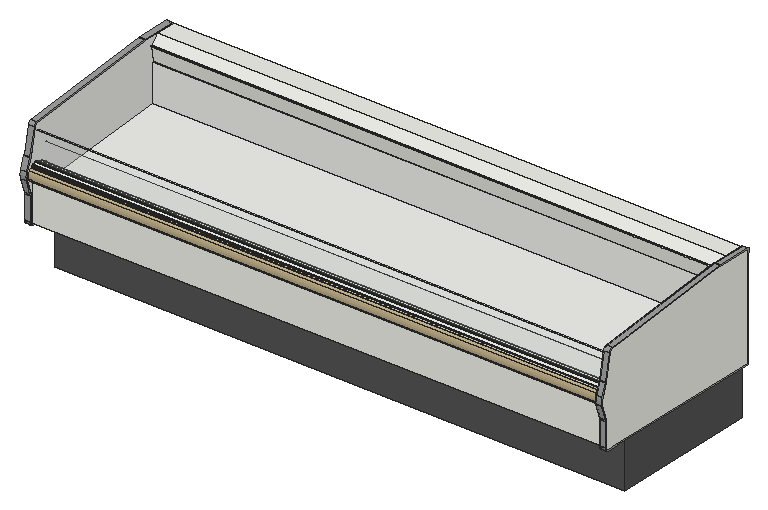
Revit family "B1X-GE_2014", category Specialty Equipment, Revit 2014
Parameters (values of type "12'-0" Length")
  Width = 144 1/2"
  Waste Drain = 1 1/4"  # constant formula
  URL = "www.hussmann.com"
  Type Comments = "Excel"  # constant formula
  Trim = Stainless Steel
  Total Weight = Case Weight + (2 * End Weight)  # 1200.00 lbf
  Top Clearance = 3"  # constant formula
  Splashguard = Textured Sheet Metal (Steel Painted) - 701 Black
  Shelves = Sheet Metal (Steel Painted) - 700 Interior White
  Revit Family Date = "09/18/2015"  # constant formula
  Refrigeration Lines Suction = 5/8"  # constant formula
  Refrigeration Lines Liquid = 3/8"  # constant formula
  Refrig. Suction = "Suction"
  Refrig. Liquid = "Liquid"
  Number of Supports = if(Width < 50", 2, if(Width < 100", 3, 4))  # 4
  Note from Manufacturer = "This model only comes in 8'-0\" and 12'-0\" lengths."
  Model URL = "http://www.hussmann.com/en/product%20viewer/display-cases/B1X"
  Model = "B1X-GE"  # constant formula
  Manufacturer Disclaimer = "The information in this file is not intended to be an exact representation of the corresponding Hussmann product.  Further, we reserve the right to change or revise specifications and product design in connection with any feature of our products. Such changes do not entitle the buyer to corresponding changes, improvements, additions, or replacements for equipment previously sold or shipped."  # constant formula
  Manufacturer = "Hussmann Corporation"  # constant formula
  Height = 39 1/8"  # constant formula
  Glazing = Glass
  Ends = Textured Sheet Metal (Steel Painted) - 149 White Satin Matte
  End Weight = 50.00 lbf  # constant formula
  Description = "Bulk, Single-Deck, Extended Depth, Glass Front"  # constant formula
  Depth = 46 1/8"  # constant formula
  Cutsheet URL = "http://www.hussmann.com/en/Technical%20Documents/0496237_G_B1X-GE.pdf"
  Close Off Panel = Textured Sheet Metal (Steel Painted) - 701 Black
  Clearance [instance] = yes
  Case Weight = if(Width = 96 3/8", 800.00 lbf, if(Width = 144 1/2", 1100.00 lbf, 0.00 lbf))  # 1100.00 lbf
  Case Interior - Side Panel = Sheet Metal (Steel Painted) - 700 Interior White
  Case Interior - Back Panel = Sheet Metal (Steel Painted) - 700 Interior White
  Case = Textured Sheet Metal (Steel Painted) - 149 White Satin Matte
  Bumper = Extruded PVC - 744 Sandy Beige
  Back Clearance = 3"  # constant formula
  Assembly Code = ""
  Accessories/Options = ""
Types (3): name | Width | Total Weight | Number of Supports | Case Weight
  (no name) | 144 1/2" | 1200.00 lbf | 4 | 1100.00 lbf
  12'-0" Length | 144 1/2" | 1200.00 lbf | 4 | 1100.00 lbf
  8'-0" Length | 96 3/8" | 900.00 lbf | 3 | 800.00 lbf
Reference planes (in)
  plane 1 "Back": y = 0
  plane 2 "Bottom": z = 0
  plane 3 "Top": z = 39.125
  plane 4 "Left": x = -77.30699
  plane 5 "Front": y = -46.125
  plane 6 "Center (Left/Right)": x = -5.05699
  plane 7: y = 3
  plane 8: x = -78.80699
  plane 9 "Right": x = 67.19301
  plane 10: x = 68.69301
Forms (in)
  Extrusion 1, solid, material "Metal - Copper"
    sketch origin (63.0625, 1.04319, 0) x (1, 0, 0) y (0, 1, 0)
      loop
        arc (-7.86949, -36.04319) -> (-8.31143, -36.22625) -> (-8.49449, -36.66819) r 0.625
        arc (-8.49449, -36.66819) -> (-8.31143, -37.11013) -> (-7.86949, -37.29319) r 0.625
        arc (-7.86949, -37.29319) -> (-7.42754, -37.11013) -> (-7.24449, -36.66819) r 0.625
        arc (-7.24449, -36.66819) -> (-7.42754, -36.22625) -> (-7.86949, -36.04319) r 0.625
      loop
        circle (-7.86949, -36.66819) r 0.5852
    from 13.1875 to 0
  Extrusion 2, solid, material "Metal - Copper"
    sketch origin (57.40105, 5, -0.375) x (1, 0, 0) y (0, 1, 0)
      loop
        circle (1.47946, -35.25) r 0.28859
      loop
        circle (1.47946, -35.25) r 0.3125
    from 13.5625 to 0.375
  Extrusion 3, solid, material "Metal - Copper"
    sketch origin (59.82608, 5, -0.375) x (1, 0, 0) y (0, 1, 0)
      loop
        circle (-0.44557, -35.25) r 0.17188
      loop
        circle (-0.44557, -35.25) r 0.1875
    from 13.5625 to 0.375
  Extrusion 4, solid, material "Metal - Copper"
    sketch origin (-56.6875, 1.04319, 0) x (1, 0, 0) y (0, 1, 0)
      loop
        arc (-8.49449, -36.04319) -> (-8.93643, -36.22625) -> (-9.11949, -36.66819) r 0.625
        arc (-9.11949, -36.66819) -> (-8.93643, -37.11013) -> (-8.49449, -37.29319) r 0.625
        arc (-8.49449, -37.29319) -> (-8.05254, -37.11013) -> (-7.86949, -36.66819) r 0.625
        arc (-7.86949, -36.66819) -> (-8.05254, -36.22625) -> (-8.49449, -36.04319) r 0.625
      loop
        circle (-8.49449, -36.66819) r 0.5852
    from 13.1875 to 0
  Extrusion 5, solid, material "Textured Sheet Metal (Steel Painted) - 149 White Satin Matte" <- "Case"
    sketch origin (-77.30699, 0, 0) x (0, 1, 0) y (0, 0, 1)
      loop
        arc (-43.4365, 26.85537) -> (-43.52068, 26.86705) -> (-43.60529, 26.87502) r 1.93325
        arc (-43.60529, 26.87502) -> (-43.61662, 26.86409) -> (-43.60736, 26.85135) r 0.012
        line (-43.60736, 26.85135) -> (-43.56451, 26.84146)
        arc (-43.56451, 26.84146) -> (-43.55529, 26.8284) -> (-43.56724, 26.81778) r 0.012
        line (-43.56724, 26.81778) -> (-43.84412, 26.81869)
        arc (-43.84412, 26.81869) -> (-43.8561, 26.8075) -> (-43.84567, 26.79484) r 0.01197
        line (-43.84567, 26.79484) -> (-43.80202, 26.78926)
        arc (-43.80202, 26.78926) -> (-43.79156, 26.77791) -> (-43.80094, 26.76565) r 0.012
        line (-43.80094, 26.76565) -> (-44.75345, 26.55443)
        arc (-44.75345, 26.55443) -> (-44.76714, 26.56157) -> (-44.76246, 26.57628) r 0.012
        line (-44.76246, 26.57628) -> (-44.72525, 26.59979)
        arc (-44.72525, 26.59979) -> (-44.72146, 26.6162) -> (-44.73782, 26.62017) r 0.01197
        arc (-44.73782, 26.62017) -> (-44.84025, 26.55479) -> (-44.93823, 26.48293) r 1.87918
        arc (-44.93823, 26.48293) -> (-44.95802, 26.45848) -> (-44.9651, 26.42782) r 0.06997
        line (-44.9651, 26.42782) -> (-44.9651, 26.05419) -> (-44.67226, 26.05419) -> (-44.67226, 13.30367) -> (-43.98538, 13.30359)
        arc (-43.98538, 13.30359) -> (-43.94382, 13.32758) -> (-43.94381, 13.37557) r 0.04799
        line (-43.94381, 13.37557) -> (-44.29718, 13.98778) -> (-44.29718, 14.03993) -> (-42.55572, 15.84428) -> (-37.52831, 13.17784) -> (-7.01631, 13.17624) -> (-0.00014, 16.89541) -> (0.00241, 39.06079) -> (-5.04871, 39.06079) -> (-7.0036, 37.1059)
        arc (-7.0036, 37.1059) -> (-7.01444, 37.05141) -> (-6.96824, 37.02055) r 0.05
        line (-6.96824, 37.02055) -> (-6.18183, 37.02055) -> (-6.14043, 36.78578) -> (-6.94182, 36.64447) -> (-6.33006, 33.17499) -> (-6.54179, 33.13766) -> (-6.54179, 22.69899) -> (-29.81454, 20.69847) -> (-29.81454, 18.86396)
        arc (-29.81454, 18.86396) -> (-29.99765, 18.42204) -> (-30.43961, 18.23904) r 0.625
        line (-30.43961, 18.23904) -> (-32.49961, 18.23927)
        arc (-32.49961, 18.23927) -> (-32.94153, 18.42238) -> (-33.12454, 18.86435) r 0.625
        line (-33.12454, 18.86435) -> (-33.12454, 20.41421) -> (-40.71688, 19.7623) -> (-40.71688, 23.92624) -> (-40.74854, 23.92624) -> (-40.74854, 25.29548)
        arc (-40.74854, 25.29548) -> (-40.76456, 25.34075) -> (-40.8055, 25.36587) r 0.07197
        line (-40.8055, 25.36587) -> (-40.8055, 25.72186)
        arc (-40.8055, 25.72186) -> (-40.81327, 25.75399) -> (-40.83645, 25.77755) r 0.06199
        line (-40.83645, 25.77755) -> (-42.08994, 26.50144)
        arc (-42.08994, 26.50144) -> (-42.10488, 26.50764) -> (-42.12093, 26.50975) r 0.06199
        line (-42.12093, 26.50975) -> (-42.83656, 26.50975) -> (-42.83656, 25.67805) -> (-43.4365, 25.67805) -> (-43.4365, 26.85537)
    from 0 to 144.5 <- "Width"
  Extrusion 6, solid, material "Extruded PVC - 744 Sandy Beige" <- "Bumper"
    sketch origin (-77.30699, 0, 0) x (0, 1, 0) y (0, 0, 1)
      loop
        line (-44.67124, 26.05419) -> (-45.32971, 26.05419)
        arc (-45.32971, 26.05419) -> (-45.61543, 25.86008) -> (-45.81608, 25.57891) r 0.9802
        arc (-45.81608, 25.57891) -> (-46.04245, 24.57269) -> (-45.81616, 23.56645) r 2.34998
        arc (-45.81616, 23.56645) -> (-45.61552, 23.28515) -> (-45.32975, 23.09091) r 0.98052
        arc (-45.32975, 23.09091) -> (-45.20945, 23.04539) -> (-45.08468, 23.01414) r 1.10651
        arc (-45.08468, 23.01414) -> (-45.04015, 23.01879) -> (-45.00551, 23.04715) r 0.07799
        line (-45.00551, 23.04715) -> (-44.91062, 23.18779) -> (-44.67124, 23.42711) -> (-44.67124, 26.05419)
    from 0 to 144.5 <- "Width"
  Extrusion 7, solid, material "Glass" <- "Glazing"
    sketch origin (-77.30699, 0, 0) x (0, 1, 0) y (0, 0, 1)
      loop
        line (-42.83433, 25.67618) -> (-42.83433, 33.90217) -> (-43.43427, 33.90223) -> (-43.43427, 25.67624) -> (-42.83433, 25.67618)
      loop
        line (-40.74659, 30.17594) -> (-40.74659, 23.92819) -> (-40.49668, 23.92816) -> (-40.49668, 30.17591) -> (-40.74659, 30.17594)
    from 0 to 144.5 <- "Width"
  Extrusion 8, solid, material "Sheet Metal (Steel Painted) - 700 Interior White" <- "Case Interior - Back Panel"
    sketch origin (-77.30699, 0, 0) x (0, 1, 0) y (0, 0, 1)
      loop
        line (-6.54179, 33.13766) -> (-6.57304, 33.13215) -> (-6.57304, 22.69631) -> (-6.54179, 22.69899) -> (-6.54179, 33.13766)
    from 0 to 144.5 <- "Width"
  Extrusion 9, solid, material "Sheet Metal (Steel Painted) - 700 Interior White" <- "Shelves"
    sketch origin (-77.30699, 0, 0) x (0, 1, 0) y (0, 0, 1)
      loop
        line (-6.56119, 22.95738) -> (-6.63432, 23.81141) -> (-40.51033, 20.91031) -> (-40.43719, 20.05627) -> (-6.56119, 22.95738)
    from 0 to 144.5 <- "Width"
  Sweep 10, solid, material "Textured Sheet Metal (Steel Painted) - 701 Black" <- "Splashguard"
    path origin (0, 0, 0) x (1, 0, 0) y (0, 1, 0)
      loop
        line (-77.30699, 0.00241) -> (-77.30699, -37.375) -> (67.19301, -37.375) -> (67.19301, 0.00241)
    profile origin (-5.05699, -37.375, 0) x (0, 1, 0) y (0, 0, 1)
      loop
        line (0.48066, 0.00369) -> (0.48066, 13.17969) -> (0, 13.17969) -> (0, 0.00369) -> (0.48066, 0.00369)
  Extrusion 11, solid, material "Stainless Steel" <- "Trim"
    sketch origin (-77.30699, 0, 0) x (0, 1, 0) y (0, 0, 1)
      loop
        arc (-43.07704, 35.51226) -> (-43.65369, 35.24831) -> (-43.95589, 34.69075) r 1.00073
        line (-43.95589, 34.69075) -> (-45.24538, 28.57387)
        arc (-45.24538, 28.57387) -> (-45.26548, 28.48407) -> (-45.29375, 28.39651) r 1.00073
        line (-45.29375, 28.39651) -> (-46.34441, 25.59007)
        arc (-46.34441, 25.59007) -> (-46.54192, 24.57284) -> (-46.39619, 23.54691) r 3.12728
        line (-46.39619, 23.54691) -> (-45.25699, 19.9603)
        arc (-45.25699, 19.9603) -> (-45.22184, 19.81064) -> (-45.21003, 19.65736) r 1.00073
        line (-45.21003, 19.65736) -> (-45.21003, 13.62541)
        arc (-45.21003, 13.62541) -> (-44.91693, 12.91779) -> (-44.2093, 12.62468) r 1.00073
        line (-44.2093, 12.62468) -> (-41.7074, 12.62468) -> (-41.7074, 12.76479) -> (-0.04803, 12.76479) -> (-0.04803, 12.81282) -> (0, 12.81282) -> (0, 38.12393) -> (0.06205, 38.12393) -> (0.06205, 39.1251) -> (0.00044, 39.1867) -> (-8.65141, 39.1867)
        arc (-8.65141, 39.1867) -> (-8.8184, 39.18224) -> (-8.98492, 39.16887) r 3.12728
        line (-8.98492, 39.16887) -> (-43.07704, 35.51226)
      loop
        line (-43.82019, 34.72845) -> (-45.12265, 28.55007)
        arc (-45.12265, 28.55007) -> (-45.14517, 28.45014) -> (-45.17668, 28.35268) r 1.12573
        line (-45.17668, 28.35268) -> (-46.22735, 25.54624)
        arc (-46.22735, 25.54624) -> (-46.41696, 24.56967) -> (-46.27706, 23.58475) r 3.00228
        line (-46.27706, 23.58475) -> (-45.13785, 19.99814)
        arc (-45.13785, 19.99814) -> (-45.09832, 19.82979) -> (-45.08503, 19.65736) r 1.12573
        line (-45.08503, 19.65736) -> (-45.08503, 13.62541)
        arc (-45.08503, 13.62541) -> (-44.82854, 13.00618) -> (-44.2093, 12.74968) r 0.87573
        line (-44.2093, 12.74968) -> (-41.8324, 12.74968) -> (-41.8324, 12.88979) -> (-0.17303, 12.88979) -> (-0.17303, 12.93782) -> (-0.125, 12.93782) -> (-0.125, 38.24893) -> (-0.06295, 38.24893) -> (-0.06295, 39.0617) -> (-8.65141, 39.0617)
        arc (-8.65141, 39.0617) -> (-8.81173, 39.05742) -> (-8.97159, 39.04458) r 3.00228
        line (-8.97159, 39.04458) -> (-43.06371, 35.38798)
        arc (-43.06371, 35.38798) -> (-43.5458, 35.17733) -> (-43.82019, 34.72845) r 0.87573
    from 0 to -1.5
  Extrusion 12, solid, material "Textured Sheet Metal (Steel Painted) - 149 White Satin Matte" <- "Ends"
    sketch origin (-77.30699, 0, 0) x (0, 1, 0) y (0, 0, 1)
      loop
        arc (-43.06371, 35.38798) -> (-43.5458, 35.17733) -> (-43.82019, 34.72845) r 0.87573
        line (-43.82019, 34.72845) -> (-45.12265, 28.55007)
        arc (-45.12265, 28.55007) -> (-45.14517, 28.45014) -> (-45.17668, 28.35268) r 1.12573
        line (-45.17668, 28.35268) -> (-46.22735, 25.54624)
        arc (-46.22735, 25.54624) -> (-46.41696, 24.56967) -> (-46.27706, 23.58475) r 3.00228
        line (-46.27706, 23.58475) -> (-45.13785, 19.99814)
        arc (-45.13785, 19.99814) -> (-45.09832, 19.82979) -> (-45.08503, 19.65736) r 1.12573
        line (-45.08503, 19.65736) -> (-45.08503, 13.62541)
        arc (-45.08503, 13.62541) -> (-44.82854, 13.00618) -> (-44.2093, 12.74968) r 0.87573
        line (-44.2093, 12.74968) -> (-41.8324, 12.74968) -> (-41.8324, 12.88979) -> (-0.17303, 12.88979) -> (-0.17303, 12.93782) -> (-0.125, 12.93782) -> (-0.125, 38.24893) -> (-0.06295, 38.24893) -> (-0.06295, 39.0617) -> (-8.65141, 39.0617)
        arc (-8.65141, 39.0617) -> (-8.81173, 39.05742) -> (-8.97159, 39.04458) r 3.00228
        line (-8.97159, 39.04458) -> (-43.06371, 35.38798)
    from -0.03125 to -1.5
  Extrusion 13, solid, material "Sheet Metal (Steel Painted) - 700 Interior White" <- "Case Interior - Side Panel"
    sketch origin (-77.33824, 0, 0) x (0, 1, 0) y (0, 0, 1)
      loop
        line (-43.82019, 34.72845) -> (-45.12265, 28.55007)
        arc (-45.12265, 28.55007) -> (-45.14517, 28.45014) -> (-45.17668, 28.35268) r 1.12573
        line (-45.17668, 28.35268) -> (-46.22735, 25.54624)
        arc (-46.22735, 25.54624) -> (-46.41696, 24.56967) -> (-46.27706, 23.58475) r 3.00228
        line (-46.27706, 23.58475) -> (-45.13785, 19.99814)
        arc (-45.13785, 19.99814) -> (-45.09832, 19.82979) -> (-45.08503, 19.65736) r 1.12573
        line (-45.08503, 19.65736) -> (-45.08503, 13.62541)
        arc (-45.08503, 13.62541) -> (-44.82854, 13.00618) -> (-44.2093, 12.74968) r 0.87573
        line (-44.2093, 12.74968) -> (-41.8324, 12.74968) -> (-41.8324, 12.88979) -> (-0.17303, 12.88979) -> (-0.17303, 12.93782) -> (-0.125, 12.93782) -> (-0.125, 38.24893) -> (-0.06295, 38.24893) -> (-0.06295, 39.0617) -> (-8.65141, 39.0617)
        arc (-8.65141, 39.0617) -> (-8.81173, 39.05742) -> (-8.97159, 39.04458) r 3.00228
        line (-8.97159, 39.04458) -> (-43.06371, 35.38798)
        arc (-43.06371, 35.38798) -> (-43.5458, 35.17733) -> (-43.82019, 34.72845) r 0.87573
    from 0 to 0.03125
  Extrusion 14, solid, material "Stainless Steel" <- "Trim"
    sketch origin (-28.93199, 0, 0) x (0, 1, 0) y (0, 0, -1)
      loop
        line (-43.07704, -35.51226) -> (-8.98492, -39.16887)
        arc (-8.98492, -39.16887) -> (-8.8184, -39.18224) -> (-8.65141, -39.1867) r 3.12728
        line (-8.65141, -39.1867) -> (0.00044, -39.1867) -> (0.06205, -39.1251) -> (0.06205, -38.12393) -> (0, -38.12393) -> (0, -12.81282) -> (-0.04803, -12.81282) -> (-0.04803, -12.76479) -> (-41.7074, -12.76479) -> (-41.7074, -12.62468) -> (-44.2093, -12.62468)
        arc (-44.2093, -12.62468) -> (-44.91693, -12.91779) -> (-45.21003, -13.62541) r 1.00073
        line (-45.21003, -13.62541) -> (-45.21003, -19.65736)
        arc (-45.21003, -19.65736) -> (-45.22184, -19.81064) -> (-45.25699, -19.9603) r 1.00073
        line (-45.25699, -19.9603) -> (-46.39619, -23.54691)
        arc (-46.39619, -23.54691) -> (-46.54192, -24.57284) -> (-46.34441, -25.59007) r 3.12728
        line (-46.34441, -25.59007) -> (-45.29375, -28.39651)
        arc (-45.29375, -28.39651) -> (-45.26548, -28.48407) -> (-45.24538, -28.57387) r 1.00073
        line (-45.24538, -28.57387) -> (-43.95589, -34.69075)
        arc (-43.95589, -34.69075) -> (-43.65369, -35.24831) -> (-43.07704, -35.51226) r 1.00073
      loop
        arc (-43.82019, -34.72845) -> (-43.5458, -35.17733) -> (-43.06371, -35.38798) r 0.87573
        line (-43.06371, -35.38798) -> (-8.97159, -39.04458)
        arc (-8.97159, -39.04458) -> (-8.81173, -39.05742) -> (-8.65141, -39.0617) r 3.00228
        line (-8.65141, -39.0617) -> (-0.06295, -39.0617) -> (-0.06295, -38.24893) -> (-0.125, -38.24893) -> (-0.125, -12.93782) -> (-0.17303, -12.93782) -> (-0.17303, -12.88979) -> (-41.8324, -12.88979) -> (-41.8324, -12.74968) -> (-44.2093, -12.74968)
        arc (-44.2093, -12.74968) -> (-44.82854, -13.00618) -> (-45.08503, -13.62541) r 0.87573
        line (-45.08503, -13.62541) -> (-45.08503, -19.65736)
        arc (-45.08503, -19.65736) -> (-45.09832, -19.82979) -> (-45.13785, -19.99814) r 1.12573
        line (-45.13785, -19.99814) -> (-46.27706, -23.58475)
        arc (-46.27706, -23.58475) -> (-46.41696, -24.56967) -> (-46.22735, -25.54624) r 3.00228
        line (-46.22735, -25.54624) -> (-45.17668, -28.35268)
        arc (-45.17668, -28.35268) -> (-45.14517, -28.45014) -> (-45.12265, -28.55007) r 1.12573
        line (-45.12265, -28.55007) -> (-43.82019, -34.72845)
    from -96.125 to -97.625
  Extrusion 15, solid, material "Textured Sheet Metal (Steel Painted) - 149 White Satin Matte" <- "Ends"
    sketch origin (-28.93199, 0, 0) x (0, 1, 0) y (0, 0, -1)
      loop
        line (-43.06371, -35.38798) -> (-8.97159, -39.04458)
        arc (-8.97159, -39.04458) -> (-8.81173, -39.05742) -> (-8.65141, -39.0617) r 3.00228
        line (-8.65141, -39.0617) -> (-0.06295, -39.0617) -> (-0.06295, -38.24893) -> (-0.125, -38.24893) -> (-0.125, -12.93782) -> (-0.17303, -12.93782) -> (-0.17303, -12.88979) -> (-41.8324, -12.88979) -> (-41.8324, -12.74968) -> (-44.2093, -12.74968)
        arc (-44.2093, -12.74968) -> (-44.82854, -13.00618) -> (-45.08503, -13.62541) r 0.87573
        line (-45.08503, -13.62541) -> (-45.08503, -19.65736)
        arc (-45.08503, -19.65736) -> (-45.09832, -19.82979) -> (-45.13785, -19.99814) r 1.12573
        line (-45.13785, -19.99814) -> (-46.27706, -23.58475)
        arc (-46.27706, -23.58475) -> (-46.41696, -24.56967) -> (-46.22735, -25.54624) r 3.00228
        line (-46.22735, -25.54624) -> (-45.17668, -28.35268)
        arc (-45.17668, -28.35268) -> (-45.14517, -28.45014) -> (-45.12265, -28.55007) r 1.12573
        line (-45.12265, -28.55007) -> (-43.82019, -34.72845)
        arc (-43.82019, -34.72845) -> (-43.5458, -35.17733) -> (-43.06371, -35.38798) r 0.87573
    from -96.15625 to -97.625
  Extrusion 16, solid, material "Sheet Metal (Steel Painted) - 700 Interior White" <- "Case Interior - Side Panel"
    sketch origin (67.22426, 0, 0) x (0, 1, 0) y (0, 0, -1)
      loop
        arc (-43.82019, -34.72845) -> (-43.5458, -35.17733) -> (-43.06371, -35.38798) r 0.87573
        line (-43.06371, -35.38798) -> (-8.97159, -39.04458)
        arc (-8.97159, -39.04458) -> (-8.81173, -39.05742) -> (-8.65141, -39.0617) r 3.00228
        line (-8.65141, -39.0617) -> (-0.06295, -39.0617) -> (-0.06295, -38.24893) -> (-0.125, -38.24893) -> (-0.125, -12.93782) -> (-0.17303, -12.93782) -> (-0.17303, -12.88979) -> (-41.8324, -12.88979) -> (-41.8324, -12.74968) -> (-44.2093, -12.74968)
        arc (-44.2093, -12.74968) -> (-44.82854, -13.00618) -> (-45.08503, -13.62541) r 0.87573
        line (-45.08503, -13.62541) -> (-45.08503, -19.65736)
        arc (-45.08503, -19.65736) -> (-45.09832, -19.82979) -> (-45.13785, -19.99814) r 1.12573
        line (-45.13785, -19.99814) -> (-46.27706, -23.58475)
        arc (-46.27706, -23.58475) -> (-46.41696, -24.56967) -> (-46.22735, -25.54624) r 3.00228
        line (-46.22735, -25.54624) -> (-45.17668, -28.35268)
        arc (-45.17668, -28.35268) -> (-45.14517, -28.45014) -> (-45.12265, -28.55007) r 1.12573
        line (-45.12265, -28.55007) -> (-43.82019, -34.72845)
    from 0 to 0.03125
Lines and regions (in)
  reference lines
    curve 1: line (-74.80699, -46.125, 0) -> (-74.80699, 0, 0)
    curve 2: line (-65.18199, -46.125, 0) -> (-65.18199, 0, 0)
    curve 3: line (55.19301, -46.125, 0) -> (55.19301, 0, 0)
    curve 4: line (64.69301, -46.125, 0) -> (64.69301, 0, 0)
    curve 5: line (59.19301, -46.125, 0) -> (59.19301, 0, 0)
    curve 6: line (-77.30699, -35.625, 0) -> (67.19301, -35.625, 0)
    curve 7: line (67.19301, -30.25, 0) -> (-77.30699, -30.25, 0)
  symbolic lines, style "SpecialityEquipmentHiddenLines", visible <- "Clearance"
    curve 8: line (-78.80699, 3, 0) -> (68.69301, 3, 0)
    curve 9: line (68.69301, 3, 0) -> (68.69301, 0.06205, 0)
    curve 10: line (-78.80699, 3, 0) -> (-78.80699, -0.17303, 0)
Dimensions and locks (in)
  equal spacing: plane 4 "Left", plane 6 "Center (Left/Right)", plane 9 "Right"
  locked: plane 8 to plane 4 "Left" at 1.5
  "Width": plane 4 "Left" to plane 9 "Right"
  locked: plane 4 "Left" to curve 1 at 2.5
  locked: plane 4 "Left" to curve 2 at 12.125
  locked: curve 4 to plane 9 "Right" at 2.5
  locked: curve 3 to plane 9 "Right" at 12
  "Depth": plane 5 "Front" to plane 1 "Back"
  "Back Clearance": plane 1 "Back" to plane 7
  curve 5 to plane 9 "Right" = 8"
  "Height": plane 3 "Top" to level
  plane 1 "Back" to curve 6 = 35 5/8"
  plane 1 "Back" to curve 7 = 30 1/4"
  locked: plane 9 "Right" to plane 10 at 1.5
  locked: Extrusion 4 sketch curve to Extrusion 4 sketch curve at 0.0398
  locked: Extrusion 1 sketch curve to Extrusion 1 sketch curve at 0.0398
  locked: Extrusion 3 sketch curve to Extrusion 3 sketch curve at 0.01562
  locked: Extrusion 2 sketch curve to Extrusion 2 sketch curve at 0.02391
  equal spacing: group 1, group 3, group 4, group 2  (x3)
  locked: Extrusion 16 to plane 10 at 1.46875
  locked: plane 9 "Right" to Extrusion 16 at 0.03125
  "Waste Drain": diameter of Extrusion 4 sketch curve
  "Waste Drain": diameter of Extrusion 1 sketch curve
  "Refrigeration Lines Liquid": diameter of Extrusion 3 sketch curve
  "Refrigeration Lines Suction": diameter of Extrusion 2 sketch curve
  aligned and locked: plane 5 "Front" to curve 3
  aligned and locked: plane 5 "Front" to curve 4
  aligned and locked: plane 5 "Front" to curve 2
  aligned and locked: plane 5 "Front" to curve 1
  aligned and locked: plane 4 "Left" to curve 6
  aligned and locked: plane 4 "Left" to curve 7
  aligned and locked: plane 9 "Right" to curve 7
  aligned and locked: plane 9 "Right" to curve 6
  aligned and locked: Extrusion 2 to level
  aligned and locked: Extrusion 3 to level
  aligned and locked: curve 7 to Extrusion 3 sketch curve  (x4)
  aligned and locked: curve 7 to Extrusion 2 sketch curve  (x4)
  aligned and locked: curve 6 to Extrusion 1 sketch curve  (x3)
  aligned and locked: curve 6 to Extrusion 4 sketch curve
  aligned and locked: curve 2 to Extrusion 4 sketch curve
  aligned and locked: curve 3 to Extrusion 1 sketch curve
  aligned and locked: curve 5 to Extrusion 3 sketch curve
  aligned and locked: curve 5 to Extrusion 2 sketch curve
  aligned and locked: curve 1 to nested 1
  aligned and locked: curve 4 to nested 2
  aligned and locked: Sweep 10 sketch curve to plane 9 "Right"
  aligned and locked: Sweep 10 sketch curve to plane 4 "Left"
  aligned and locked: plane 10 to Extrusion 14
  aligned and locked: plane 10 to Extrusion 15
  aligned and locked: Extrusion 14 to plane 9 "Right"
  aligned and locked: Extrusion 14 to Extrusion 16
  aligned and locked: Extrusion 15 to Extrusion 16
  aligned and locked: plane 8 to curve 10
  aligned and locked: plane 7 to curve 8
  aligned and locked: curve 9 to plane 10
Automatic sketch dimensions
  curve 5 to plane 5 "Front" = 0"
  plane 1 "Back" to curve 3 = 0"
  plane 1 "Back" to curve 2 = 0"
  plane 1 "Back" to curve 1 = 0"
  plane 1 "Back" to curve 4 = 0"
  plane 1 "Back" to curve 5 = 0"
  plane 5 "Front" to Extrusion 5 sketch curve = 1.1599"
  Extrusion 5 sketch curve to Extrusion 5 sketch curve = 0"  (x8)
  Extrusion 5 sketch curve to Extrusion 5 sketch curve = 0.06997"
  Extrusion 5 sketch curve to Extrusion 5 sketch curve = 0.13267"
  Extrusion 5 sketch curve to Extrusion 5 sketch curve = 0.00641"
  Extrusion 5 sketch curve to Extrusion 5 sketch curve = 0.0026"  (x2)
  Extrusion 5 sketch curve to Extrusion 5 sketch curve = 0.03081"
  Extrusion 5 sketch curve to Extrusion 5 sketch curve = 0.0064"
  plane 5 "Front" to Extrusion 5 sketch curve = 1.45274"
  Extrusion 5 sketch curve to Extrusion 5 sketch curve = 0.29284"
  Extrusion 5 sketch curve to Extrusion 5 sketch curve = 0.37508"
  Extrusion 5 sketch curve to Extrusion 5 sketch curve = 0.68688"
  Extrusion 5 sketch curve to Extrusion 5 sketch curve = 0.04157"
  Extrusion 5 sketch curve to Extrusion 5 sketch curve = 0.87958"
  Extrusion 5 sketch curve to Extrusion 5 sketch curve = 0.00152"  (x2)
  Extrusion 5 sketch curve to Extrusion 5 sketch curve = 0.00004"  (x2)
  Extrusion 5 sketch curve to Extrusion 5 sketch curve = 0.04213"
  Extrusion 5 sketch curve to Extrusion 5 sketch curve = 0.89375"
  Extrusion 5 sketch curve to Extrusion 5 sketch curve = 0.03428"
  Extrusion 5 sketch curve to Extrusion 5 sketch curve = 0.19466"
  Extrusion 5 sketch curve to Extrusion 5 sketch curve = 0.0027"  (x2)
  Extrusion 5 sketch curve to Extrusion 5 sketch curve = 0.04012"
  Extrusion 5 sketch curve to Extrusion 5 sketch curve = 0.342"
  Extrusion 5 sketch curve to Extrusion 5 sketch curve = 0.128"
  Extrusion 5 sketch curve to Extrusion 5 sketch curve = 0.59994"  (x2)
  Extrusion 5 sketch curve to Extrusion 5 sketch curve = 1.74146"
  Extrusion 5 sketch curve to Extrusion 5 sketch curve = 0.71563"
  Extrusion 5 sketch curve to Extrusion 5 sketch curve = 0.03099"
  Extrusion 5 sketch curve to Extrusion 5 sketch curve = 1.25348"
  Extrusion 5 sketch curve to Extrusion 5 sketch curve = 0.031"
  Extrusion 5 sketch curve to Extrusion 5 sketch curve = 0.04694"
  Extrusion 5 sketch curve to Extrusion 5 sketch curve = 0.01501"
  Extrusion 5 sketch curve to Extrusion 5 sketch curve = 0.03095"
  Extrusion 5 sketch curve to Extrusion 5 sketch curve = 0.07197"
  Extrusion 5 sketch curve to Extrusion 5 sketch curve = 0.03166"
  Extrusion 5 sketch curve to Extrusion 5 sketch curve = 5.02741"
  Extrusion 5 sketch curve to Extrusion 5 sketch curve = 4.40377"
  Extrusion 5 sketch curve to Extrusion 5 sketch curve = 0.62493"
  Extrusion 5 sketch curve to Extrusion 5 sketch curve = 5/8"  (x2)
  Extrusion 5 sketch curve to Extrusion 5 sketch curve = 2.06"
  Extrusion 5 sketch curve to Extrusion 5 sketch curve = 0.00007"  (x3)
  plane 1 "Back" to Extrusion 5 sketch curve = 7.01631"
  plane 3 "Top" to Extrusion 5 sketch curve = 2.0191"
  plane 1 "Back" to Extrusion 5 sketch curve = 7.0036"
  Extrusion 5 sketch curve to Extrusion 5 sketch curve = 0.03536"
  plane 3 "Top" to Extrusion 5 sketch curve = 2.48053"
  Extrusion 5 sketch curve to Extrusion 5 sketch curve = 0.02643"
  plane 1 "Back" to Extrusion 5 sketch curve = 6.54179"
  Extrusion 5 sketch curve to Extrusion 5 sketch curve = 0.21174"
  Extrusion 5 sketch curve to Extrusion 5 sketch curve = 0.78641"
  plane 3 "Top" to Extrusion 5 sketch curve = 2.33922"
  Extrusion 5 sketch curve to Extrusion 5 sketch curve = 0.0414"
  plane 3 "Top" to Extrusion 5 sketch curve = 0.06421"
  Extrusion 5 sketch curve to Extrusion 5 sketch curve = 1.13312"
  plane 1 "Back" to Extrusion 5 sketch curve = 0.00014"
  Extrusion 5 sketch curve to plane 1 "Back" = 0.00241"
  plane 3 "Top" to Extrusion 5 sketch curve = 12.26196"
  Extrusion 5 sketch curve to Extrusion 5 sketch curve = 0.00767"
  Extrusion 5 sketch curve to Extrusion 5 sketch curve = 0.01169"  (x2)
  Extrusion 5 sketch curve to Extrusion 5 sketch curve = 0.00989"
  Extrusion 5 sketch curve to Extrusion 5 sketch curve = 0.03266"
  Extrusion 5 sketch curve to Extrusion 5 sketch curve = 0.01197"
  Extrusion 5 sketch curve to Extrusion 5 sketch curve = 0.00558"
  Extrusion 5 sketch curve to Extrusion 5 sketch curve = 0.0119"
  Extrusion 5 sketch curve to Extrusion 5 sketch curve = 0.18493"
  Extrusion 5 sketch curve to Extrusion 5 sketch curve = 0.01012"
  Extrusion 5 sketch curve to Extrusion 5 sketch curve = 0.02351"
  Extrusion 5 sketch curve to Extrusion 5 sketch curve = 0.01014"
  Extrusion 5 sketch curve to Extrusion 5 sketch curve = 0.34562"
  Extrusion 5 sketch curve to Extrusion 5 sketch curve = 0.00831"
  Extrusion 5 sketch curve to Extrusion 5 sketch curve = 0.12661"
  Extrusion 5 sketch curve to Extrusion 5 sketch curve = 0.37362"
  Extrusion 5 sketch curve to Extrusion 5 sketch curve = 0.72389"
  Extrusion 5 sketch curve to Extrusion 5 sketch curve = 0.05368"
  Extrusion 5 sketch curve to Extrusion 5 sketch curve = 0.35599"
  Extrusion 5 sketch curve to Extrusion 5 sketch curve = 0.67375"
  Extrusion 5 sketch curve to Extrusion 5 sketch curve = 0.05753"
  Extrusion 5 sketch curve to Extrusion 5 sketch curve = 1.36924"
  Extrusion 5 sketch curve to Extrusion 5 sketch curve = 10.43867"
  Extrusion 5 sketch curve to Extrusion 5 sketch curve = 3.22777"
  Extrusion 5 sketch curve to Extrusion 5 sketch curve = 0.28426"
  Extrusion 5 sketch curve to Extrusion 5 sketch curve = 4.16393"
  Extrusion 5 sketch curve to Extrusion 5 sketch curve = 1.54987"
  Extrusion 5 sketch curve to Extrusion 5 sketch curve = 1.83444"
  Extrusion 5 sketch curve to Extrusion 5 sketch curve = 5.80358"
  Extrusion 5 sketch curve to Extrusion 5 sketch curve = 3.91803"
  Extrusion 5 sketch curve to Extrusion 5 sketch curve = 1.80435"
  Extrusion 5 sketch curve to Extrusion 5 sketch curve = 0.05214"
  Extrusion 5 sketch curve to Extrusion 5 sketch curve = 0.61221"
  Extrusion 5 sketch curve to Extrusion 5 sketch curve = 0.02399"
  Extrusion 5 sketch curve to Extrusion 5 sketch curve = 0.00008"
  Extrusion 5 sketch curve to Extrusion 5 sketch curve = 2.66644"
  Extrusion 5 sketch curve to Extrusion 5 sketch curve = 3.71916"
  plane 5 "Front" to Extrusion 6 sketch curve = 0.79529"
  plane 5 "Front" to Extrusion 6 sketch curve = 1.05484"
  Extrusion 6 sketch curve to Extrusion 6 sketch curve = 0.06465"
  Extrusion 6 sketch curve to Extrusion 6 sketch curve = 0.39934"
  Extrusion 6 sketch curve to Extrusion 6 sketch curve = 0.1401"
  Extrusion 6 sketch curve to Extrusion 6 sketch curve = 0.09488"
  Extrusion 6 sketch curve to Extrusion 6 sketch curve = 0.05135"
  Extrusion 6 sketch curve to Extrusion 6 sketch curve = 0.23938"
  Extrusion 6 sketch curve to Extrusion 6 sketch curve = 0.65847"
  Extrusion 6 sketch curve to Extrusion 6 sketch curve = 1.18624"
  plane 3 "Top" to Extrusion 6 sketch curve = 16.07785"
  Extrusion 6 sketch curve to Extrusion 6 sketch curve = 0.04362"
  Extrusion 6 sketch curve to Extrusion 6 sketch curve = 9/64"
  Extrusion 6 sketch curve to Extrusion 6 sketch curve = 0.23933"
  Extrusion 6 sketch curve to Extrusion 6 sketch curve = 0.55915"
  Extrusion 6 sketch curve to Extrusion 6 sketch curve = 0.11506"
  Extrusion 6 sketch curve to Extrusion 6 sketch curve = 0.47128"
  Extrusion 6 sketch curve to Extrusion 6 sketch curve = 1.05771"
  Extrusion 6 sketch curve to Extrusion 6 sketch curve = 0.89516"
  Extrusion 6 sketch curve to Extrusion 6 sketch curve = 0.24508"
  plane 5 "Front" to Extrusion 6 sketch curve = 0.30892"
  Extrusion 6 sketch curve to Extrusion 6 sketch curve = 0"
  plane 5 "Front" to Extrusion 7 sketch curve = 2.69073"
  Extrusion 7 sketch curve to Extrusion 7 sketch curve = 0.59994"
  Extrusion 7 sketch curve to Extrusion 7 sketch curve = 2.08774"
  Extrusion 7 sketch curve to Extrusion 7 sketch curve = 0.24991"
  plane 3 "Top" to Extrusion 7 sketch curve = 15.19684"
  Extrusion 7 sketch curve to Extrusion 7 sketch curve = 0.00003"  (x2)
  Extrusion 7 sketch curve to Extrusion 7 sketch curve = 1.74799"
  Extrusion 7 sketch curve to Extrusion 7 sketch curve = 0.00007"  (x2)
  Extrusion 7 sketch curve to Extrusion 7 sketch curve = 4.49973"
  Extrusion 7 sketch curve to Extrusion 7 sketch curve = 3.72623"
  plane 1 "Back" to Extrusion 8 sketch curve = 6.57304"
  Extrusion 8 sketch curve to Extrusion 8 sketch curve = 1/32"
  plane 3 "Top" to Extrusion 8 sketch curve = 16.42869"
  Extrusion 8 sketch curve to Extrusion 8 sketch curve = 0.00268"
  plane 3 "Top" to Extrusion 8 sketch curve = 5.99285"
  Extrusion 8 sketch curve to Extrusion 8 sketch curve = 0.00551"
  plane 5 "Front" to Extrusion 9 sketch curve = 5.61467"
  Extrusion 9 sketch curve to Extrusion 9 sketch curve = 0.07314"
  plane 1 "Back" to Extrusion 9 sketch curve = 6.63432"
  level to Extrusion 9 sketch curve = 20.05627"
  Extrusion 9 sketch curve to Extrusion 9 sketch curve = 0.85403"
  plane 5 "Front" to Sweep 10 sketch curve = 8 3/4"
  Sweep 10 sketch curve to plane 1 "Back" = 0.00241"  (x2)
  Sweep 10 sketch curve to profile plane = 0"
  level to Sweep 10 sketch curve = 0.00369"
  Sweep 10 sketch curve to profile plane = 0.48066"  (x2)
  Sweep 10 sketch curve to Sweep 10 sketch curve = 13.176"
  Extrusion 11 sketch curve to Extrusion 11 sketch curve = 0"  (x12)
  Extrusion 11 sketch curve to plane 1 "Back" = 0"
  plane 1 "Back" to Extrusion 11 sketch curve = 0.04803"
  plane 1 "Back" to Extrusion 11 sketch curve = 0.06295"
  plane 1 "Back" to Extrusion 11 sketch curve = 1/8"
  Extrusion 11 sketch curve to Extrusion 11 sketch curve = 0.04803"  (x2)
  plane 3 "Top" to Extrusion 11 sketch curve = 3.06558"
  plane 1 "Back" to Extrusion 11 sketch curve = 8.65141"
  plane 3 "Top" to Extrusion 11 sketch curve = 0.08042"
  Extrusion 11 sketch curve to Extrusion 11 sketch curve = 0.32018"
  Extrusion 11 sketch curve to plane 3 "Top" = 0.04387"
  Extrusion 11 sketch curve to Extrusion 11 sketch curve = 0.01333"  (x2)
  plane 5 "Front" to Extrusion 11 sketch curve = 4.4176"
  Extrusion 11 sketch curve to Extrusion 11 sketch curve = 1/8"  (x4)
  plane 5 "Front" to Extrusion 11 sketch curve = 3.15469"
  Extrusion 11 sketch curve to Extrusion 11 sketch curve = 0.09339"
  plane 5 "Front" to Extrusion 11 sketch curve = 2.70935"
  Extrusion 11 sketch curve to Extrusion 11 sketch curve = 0.84988"
  Extrusion 11 sketch curve to Extrusion 11 sketch curve = 0.1357"
  plane 5 "Front" to Extrusion 11 sketch curve = 1.9157"
  plane 5 "Front" to Extrusion 11 sketch curve = 1.03997"
  plane 5 "Front" to Extrusion 11 sketch curve = 1.00235"
  Extrusion 11 sketch curve to Extrusion 11 sketch curve = 0.05282"
  Extrusion 11 sketch curve to Extrusion 11 sketch curve = 0.05404"
  Extrusion 11 sketch curve to Extrusion 11 sketch curve = 0.12273"
  Extrusion 11 sketch curve to Extrusion 11 sketch curve = 0.11913"  (x2)
  Extrusion 11 sketch curve to Extrusion 11 sketch curve = 0.11707"  (x2)
  Extrusion 11 sketch curve to plane 5 "Front" = 0.08576"
  Extrusion 11 sketch curve to plane 5 "Front" = 0.10235"
  Extrusion 11 sketch curve to plane 5 "Front" = 0.10595"
  Extrusion 11 sketch curve to plane 5 "Front" = 0.15206"
  Extrusion 11 sketch curve to plane 1 "Back" = 0.00044"
  Extrusion 11 sketch curve to Extrusion 11 sketch curve = 0.06205"
  plane 3 "Top" to Extrusion 11 sketch curve = 3.61274"
  Extrusion 11 sketch curve to Extrusion 11 sketch curve = 0.12429"
  Extrusion 11 sketch curve to Extrusion 11 sketch curve = 0.65953"
  Extrusion 11 sketch curve to Extrusion 11 sketch curve = 5.94337"
  Extrusion 11 sketch curve to Extrusion 11 sketch curve = 0.17351"
  Extrusion 11 sketch curve to Extrusion 11 sketch curve = 0.0238"
  Extrusion 11 sketch curve to Extrusion 11 sketch curve = 2.80644"
  Extrusion 11 sketch curve to Extrusion 11 sketch curve = 0.04383"
  Extrusion 11 sketch curve to Extrusion 11 sketch curve = 1.05263"
  Extrusion 11 sketch curve to Extrusion 11 sketch curve = 3.58661"
  Extrusion 11 sketch curve to Extrusion 11 sketch curve = 6.03195"
  level to Extrusion 11 sketch curve = 12.93782"
  Extrusion 11 sketch curve to Extrusion 11 sketch curve = 0.01511"
  Extrusion 11 sketch curve to Extrusion 11 sketch curve = 0.93778"
  Extrusion 11 sketch curve to plane 3 "Top" = 0.0001"
  Extrusion 12 sketch curve to plane 5 "Front" = 0.15206"
  Extrusion 12 sketch curve to plane 5 "Front" = 0.10595"
  Extrusion 12 sketch curve to plane 5 "Front" = 0.10235"
  Extrusion 12 sketch curve to plane 5 "Front" = 0.08576"
  plane 5 "Front" to Extrusion 12 sketch curve = 0.94832"
  plane 5 "Front" to Extrusion 12 sketch curve = 0.98715"
  Extrusion 12 sketch curve to Extrusion 12 sketch curve = 0.05404"
  Extrusion 12 sketch curve to Extrusion 12 sketch curve = 0.05282"
  Extrusion 12 sketch curve to Extrusion 12 sketch curve = 0.87573"
  plane 5 "Front" to Extrusion 12 sketch curve = 2.30481"
  plane 5 "Front" to Extrusion 12 sketch curve = 2.70935"
  Extrusion 12 sketch curve to Extrusion 12 sketch curve = 0.75649"
  Extrusion 12 sketch curve to Extrusion 12 sketch curve = 0.09339"
  Extrusion 12 sketch curve to Extrusion 12 sketch curve = 2.3769"
  plane 3 "Top" to Extrusion 12 sketch curve = 0.08042"
  plane 1 "Back" to Extrusion 12 sketch curve = 8.97159"
  plane 3 "Top" to Extrusion 12 sketch curve = 0.0633"
  Extrusion 12 sketch curve to Extrusion 12 sketch curve = 0.32018"
  plane 1 "Back" to Extrusion 12 sketch curve = 0.17303"
  plane 1 "Back" to Extrusion 12 sketch curve = 1/8"
  Extrusion 12 sketch curve to Extrusion 12 sketch curve = 0.06205"
  plane 3 "Top" to Extrusion 12 sketch curve = 3.73702"
  Extrusion 12 sketch curve to Extrusion 12 sketch curve = 0.65953"
  Extrusion 12 sketch curve to Extrusion 12 sketch curve = 5.98108"
  Extrusion 12 sketch curve to Extrusion 12 sketch curve = 0.1973"
  Extrusion 12 sketch curve to Extrusion 12 sketch curve = 2.80644"
  Extrusion 12 sketch curve to Extrusion 12 sketch curve = 1.05263"
  Extrusion 12 sketch curve to Extrusion 12 sketch curve = 3.58661"
  Extrusion 12 sketch curve to Extrusion 12 sketch curve = 6.03195"
  level to Extrusion 12 sketch curve = 12.93782"
  Extrusion 12 sketch curve to Extrusion 12 sketch curve = 0.14011"
  Extrusion 12 sketch curve to Extrusion 12 sketch curve = 0.81278"
  Extrusion 12 to Extrusion 13 sketch curve = 0"  (x3)
  Extrusion 13 sketch curve to Extrusion 12 = 0"  (x7)
  Extrusion 12 to Extrusion 13 sketch curve = 1.19202"
  Extrusion 12 to Extrusion 13 sketch curve = 1.14231"
  Extrusion 12 to Extrusion 13 sketch curve = 1.12573"
  Extrusion 12 to Extrusion 13 sketch curve = 0.09165"
  Extrusion 12 to Extrusion 13 sketch curve = 0.05282"
  Extrusion 13 sketch curve to Extrusion 13 sketch curve = 0.09339"
  Extrusion 13 sketch curve to Extrusion 12 = 0.01712"
  Extrusion 14 sketch curve to Extrusion 14 sketch curve = 0"  (x12)
  Extrusion 14 sketch curve to plane 1 "Back" = 0"
  plane 1 "Back" to Extrusion 14 sketch curve = 0.04803"
  plane 1 "Back" to Extrusion 14 sketch curve = 0.06295"
  plane 1 "Back" to Extrusion 14 sketch curve = 1/8"
  Extrusion 14 sketch curve to Extrusion 14 sketch curve = 0.04803"  (x3)
  plane 3 "Top" to Extrusion 14 sketch curve = 3.06558"
  plane 1 "Back" to Extrusion 14 sketch curve = 8.65141"
  plane 3 "Top" to Extrusion 14 sketch curve = 0.08042"
  Extrusion 14 sketch curve to Extrusion 14 sketch curve = 0.32018"
  Extrusion 14 sketch curve to plane 3 "Top" = 0.04387"
  Extrusion 14 sketch curve to Extrusion 14 sketch curve = 0.01333"  (x2)
  plane 5 "Front" to Extrusion 14 sketch curve = 4.4176"
  Extrusion 14 sketch curve to Extrusion 14 sketch curve = 1/8"  (x4)
  plane 5 "Front" to Extrusion 14 sketch curve = 3.15469"
  Extrusion 14 sketch curve to Extrusion 14 sketch curve = 0.09339"
  plane 5 "Front" to Extrusion 14 sketch curve = 2.70935"
  Extrusion 14 sketch curve to Extrusion 14 sketch curve = 0.84988"
  Extrusion 14 sketch curve to Extrusion 14 sketch curve = 0.1357"
  plane 5 "Front" to Extrusion 14 sketch curve = 1.9157"
  plane 5 "Front" to Extrusion 14 sketch curve = 1.03997"
  plane 5 "Front" to Extrusion 14 sketch curve = 1.00235"
  Extrusion 14 sketch curve to Extrusion 14 sketch curve = 0.05282"
  Extrusion 14 sketch curve to Extrusion 14 sketch curve = 0.05404"
  Extrusion 14 sketch curve to Extrusion 14 sketch curve = 0.12273"
  Extrusion 14 sketch curve to Extrusion 14 sketch curve = 0.11913"  (x2)
  Extrusion 14 sketch curve to Extrusion 14 sketch curve = 0.11707"  (x2)
  Extrusion 14 sketch curve to plane 5 "Front" = 0.08576"
  Extrusion 14 sketch curve to plane 5 "Front" = 0.10235"
  Extrusion 14 sketch curve to plane 5 "Front" = 0.10595"
  Extrusion 14 sketch curve to plane 5 "Front" = 0.15206"
  Extrusion 14 sketch curve to plane 1 "Back" = 0.00044"
  Extrusion 14 sketch curve to Extrusion 14 sketch curve = 0.06205"
  Extrusion 14 sketch curve to plane 3 "Top" = 0.0001"
  Extrusion 14 sketch curve to Extrusion 14 sketch curve = 0.81278"
  plane 3 "Top" to Extrusion 14 sketch curve = 3.61274"
  Extrusion 14 sketch curve to Extrusion 14 sketch curve = 0.12429"
  Extrusion 14 sketch curve to Extrusion 14 sketch curve = 0.65953"
  Extrusion 14 sketch curve to Extrusion 14 sketch curve = 5.94337"
  Extrusion 14 sketch curve to Extrusion 14 sketch curve = 0.17351"
  Extrusion 14 sketch curve to Extrusion 14 sketch curve = 0.0238"
  Extrusion 14 sketch curve to Extrusion 14 sketch curve = 2.80644"
  Extrusion 14 sketch curve to Extrusion 14 sketch curve = 0.04383"
  Extrusion 14 sketch curve to Extrusion 14 sketch curve = 1.05263"
  Extrusion 14 sketch curve to Extrusion 14 sketch curve = 3.58661"
  Extrusion 14 sketch curve to Extrusion 14 sketch curve = 6.03195"
  level to Extrusion 14 sketch curve = 12.93782"
  Extrusion 15 sketch curve to plane 5 "Front" = 0.15206"
  Extrusion 15 sketch curve to plane 5 "Front" = 0.10595"
  Extrusion 15 sketch curve to plane 5 "Front" = 0.10235"
  Extrusion 15 sketch curve to plane 5 "Front" = 0.08576"
  plane 5 "Front" to Extrusion 15 sketch curve = 0.94832"
  plane 5 "Front" to Extrusion 15 sketch curve = 0.98715"
  Extrusion 15 sketch curve to Extrusion 15 sketch curve = 0.05404"
  Extrusion 15 sketch curve to Extrusion 15 sketch curve = 0.05282"
  Extrusion 15 sketch curve to Extrusion 15 sketch curve = 0.87573"
  plane 5 "Front" to Extrusion 15 sketch curve = 2.30481"
  plane 5 "Front" to Extrusion 15 sketch curve = 2.70935"
  Extrusion 15 sketch curve to Extrusion 15 sketch curve = 0.75649"
  Extrusion 15 sketch curve to Extrusion 15 sketch curve = 0.84988"
  Extrusion 15 sketch curve to Extrusion 15 sketch curve = 2.3769"
  plane 3 "Top" to Extrusion 15 sketch curve = 0.08042"
  plane 1 "Back" to Extrusion 15 sketch curve = 8.97159"
  plane 3 "Top" to Extrusion 15 sketch curve = 0.0633"
  Extrusion 15 sketch curve to Extrusion 15 sketch curve = 0.32018"
  plane 1 "Back" to Extrusion 15 sketch curve = 0.17303"
  plane 1 "Back" to Extrusion 15 sketch curve = 1/8"
  Extrusion 15 sketch curve to Extrusion 15 sketch curve = 0.06205"
  Extrusion 15 sketch curve to Extrusion 15 sketch curve = 0.81278"
  plane 3 "Top" to Extrusion 15 sketch curve = 3.73702"
  Extrusion 15 sketch curve to Extrusion 15 sketch curve = 0.65953"
  Extrusion 15 sketch curve to Extrusion 15 sketch curve = 5.98108"
  Extrusion 15 sketch curve to Extrusion 15 sketch curve = 0.1973"
  Extrusion 15 sketch curve to Extrusion 15 sketch curve = 2.80644"
  Extrusion 15 sketch curve to Extrusion 15 sketch curve = 1.05263"
  Extrusion 15 sketch curve to Extrusion 15 sketch curve = 3.58661"
  Extrusion 15 sketch curve to Extrusion 15 sketch curve = 6.03195"
  level to Extrusion 15 sketch curve = 12.93782"
  Extrusion 15 sketch curve to Extrusion 15 sketch curve = 0.04803"
  Extrusion 16 sketch curve to Extrusion 15 = 0"  (x8)
  Extrusion 15 to Extrusion 16 sketch curve = 0"  (x2)
  Extrusion 15 to Extrusion 16 sketch curve = 1.19202"
  Extrusion 15 to Extrusion 16 sketch curve = 1.14231"
  Extrusion 15 to Extrusion 16 sketch curve = 1.12573"
  Extrusion 15 to Extrusion 16 sketch curve = 0.09165"
  Extrusion 15 to Extrusion 16 sketch curve = 0.05282"
  Extrusion 16 sketch curve to Extrusion 16 sketch curve = 0.09339"
  Extrusion 16 sketch curve to Extrusion 15 = 0.01712"
  curve 9 to plane 1 "Back" = 0.06205"
  plane 1 "Back" to curve 10 = 0.17303"
  Extrusion 1 sketch curve to Extrusion 1 sketch curve = 0"  (x2)
  Extrusion 2 sketch curve to Extrusion 2 sketch curve = 0"
  Extrusion 3 sketch curve to Extrusion 3 sketch curve = 0"
  Extrusion 4 sketch curve to Extrusion 4 sketch curve = 0"  (x3)
  radius of Extrusion 13 sketch curve to Extrusion 12 = 0"  (x5)
  radius of Extrusion 16 sketch curve to Extrusion 15 = 0"  (x5)
Nested families (in)
  nested 1: "Floor Support" at (-74.1875, -4.75, 0), type "Floor Support"
  nested 2: "Floor Support" at (65.3125, -4.75, 0), type "Floor Support"
  nested 3: "Floor Support" at (-27.6875, -4.75, 0), type "Floor Support"
  nested 4: "Floor Support" at (18.8125, -4.75, 0), type "Floor Support"
Connectors (in)
  piping at (55.19301, -35.625, 0), diameter 1.25, driven by "Waste Drain"
    settings: on Extrusion 1, index 8, connector inside diameter 1 1/4", connector length 0", flow factor 0, pipe flow 0 GPM, pressure drop 0.00 psi, fitting loss kfactor 0, connector angle 0.00°, fixture units 0, engagement length 0", angle of deflection 0.00°, flow configuration 0, flow direction 0, fitting loss method 0, system type 16, joint type 0, gender type 0, connector reference index -1, connector utility 0, adjustable connector no, is connector primary yes, connector description "1 1/4\""
  piping at (58.88051, -30.25, 0), diameter 0.625, driven by "Refrig. Suction", driven by "Refrigeration Lines Suction"
    settings: on Extrusion 2, index 9, connector inside diameter 7/8", connector length 0", flow factor 0, pipe flow 0 GPM, pressure drop 0.00 psi, fitting loss kfactor 0, connector angle 0.00°, fixture units 0, engagement length 0", angle of deflection 0.00°, flow configuration 0, flow direction 2, fitting loss method 0, system type 22, joint type 0, gender type 0, connector reference index -1, connector utility 0, adjustable connector no, is connector primary no, connector description "Suction"
  piping at (59.38051, -30.25, 0), diameter 0.375, driven by "Refrig. Liquid", driven by "Refrigeration Lines Liquid"
    settings: on Extrusion 3, index 10, connector inside diameter 3/8", connector length 0", flow factor 0, pipe flow 0 GPM, pressure drop 0.00 psi, fitting loss kfactor 0, connector angle 0.00°, fixture units 0, engagement length 0", angle of deflection 0.00°, flow configuration 0, flow direction 1, fitting loss method 0, system type 22, joint type 0, gender type 0, connector reference index -1, connector utility 0, adjustable connector no, is connector primary no, connector description "Liquid"
  piping at (-65.18199, -35.625, 0), diameter 1.25, driven by "Waste Drain"
    settings: on Extrusion 4, index 11, connector inside diameter 1 1/4", connector length 0", flow factor 0, pipe flow 0 GPM, pressure drop 0.00 psi, fitting loss kfactor 0, connector angle 0.00°, fixture units 0, engagement length 0", angle of deflection 0.00°, flow configuration 0, flow direction 0, fitting loss method 0, system type 16, joint type 0, gender type 0, connector reference index -1, connector utility 0, adjustable connector no, is connector primary no, connector description ""
Definition of nested family "Floor Support"
  Parameters (values of type "Floor Support")
    Width = 3 1/4"
    URL = "www.hussmann.com"
    Type Comments = ""
    Revit Family Date = "06/25/2015"
    Model = ""
    Manufacturer = "Hussmann Corporation"
    Height = 13 3/16"
    Floor Support = none
    Description = ""
    Depth = 29 5/8"
    Assembly Code = ""
    Accessories/Options = ""
  Reference planes (in)
    plane 1 "Back": y = 0
    plane 2 "Bottom": z = 0
    plane 3 "Top": z = 13.1875
    plane 4 "Left": x = -2.24449
    plane 5 "Right": x = 1.00551
    plane 6 "Front": y = -29.625
    plane 7 "Center (Left/Right)": x = -0.61949
  Forms (in)
    Extrusion 1, solid, material <- "Floor Support"
      sketch origin (-0.61949, 0, 0) x (0, 1, 0) y (0, 0, 1)
        loop
          line (-2.694, 1.288) -> (-2.069, 1.288) -> (-2.069, 0) -> (0.002, 0) -> (0.002, 2.77263) -> (0.431, 2.77263) -> (0.431, 2.84363) -> (-0.069, 2.84363) -> (-0.069, 0.071) -> (-1.998, 0.071) -> (-1.998, 1.359) -> (-2.694, 1.359) -> (-2.694, 1.288)
      from 1.625 to -1.625
    Extrusion 2, solid, material <- "Floor Support"
      sketch origin (-0.61949, 0, 0) x (0, 1, 0) y (0, 0, 1)
        loop
          line (-0.069, 1.359) -> (-0.069, 13.1875) -> (-3.515, 13.1875) -> (-3.515, 1.462) -> (-2.641, 1.462) -> (-2.641, 0.916) -> (-2.584, 0.916) -> (-2.584, 1.359) -> (-0.069, 1.359)
      from 1.625 to -1.625
    Extrusion 3, solid, material <- "Floor Support"
      sketch origin (0, -5, 0) x (1, 0, 0) y (0, 1, 0)
        loop
          circle (-0.61949, -23.719) r 0.7875
      from 0.374 to 0
    Extrusion 4, solid, material <- "Floor Support"
      sketch origin (0, 0, 0) x (1, 0, 0) y (0, 1, 0)
        loop
          line (-0.97401, -28.36448) -> (-0.97401, -29.07352) -> (-0.26497, -29.07352) -> (-0.26497, -28.36448) -> (-0.97401, -28.36448)
      from 1.078 to 0.374
    Extrusion 5, solid, material <- "Floor Support"
      sketch origin (-0.61949, 0, 0) x (0, 1, 0) y (0, 0, 1)
        loop
          line (-26.11, 1.462) -> (-26.11, 13.1875) -> (-29.625, 13.1875) -> (-29.625, 1.359) -> (-27.11, 1.359) -> (-27.11, 0.916) -> (-27.053, 0.916) -> (-27.053, 1.462) -> (-26.11, 1.462)
      from 1.625 to -1.625
    Extrusion 6, solid, material <- "Floor Support"
      sketch origin (0, 0, 0) x (1, 0, 0) y (0, 1, 0)
        loop
          line (1.50551, -24.875) -> (-2.74449, -24.875) -> (-2.74449, -25.375) -> (-2.49449, -25.375)
          arc (-2.49449, -25.375) -> (-2.31771, -25.44822) -> (-2.24449, -25.625) r 0.25
          line (-2.24449, -25.625) -> (-2.24449, -26.11) -> (1.00551, -26.11) -> (1.00551, -25.625)
          arc (1.00551, -25.625) -> (1.07874, -25.44822) -> (1.25551, -25.375) r 0.25
          line (1.25551, -25.375) -> (1.50551, -25.375) -> (1.50551, -24.875)
      from 13.1875 to 1.462
    Extrusion 7, solid, material <- "Floor Support"
      sketch origin (0, -20.5, 0) x (1, 0, 0) y (0, 1, 0)
        loop
          line (1.50551, 15.75) -> (1.50551, 16.25) -> (1.25551, 16.25)
          arc (1.25551, 16.25) -> (1.07874, 16.32322) -> (1.00551, 16.5) r 0.25
          line (1.00551, 16.5) -> (1.00551, 16.985) -> (-2.24449, 16.985) -> (-2.24449, 16.5)
          arc (-2.24449, 16.5) -> (-2.31771, 16.32322) -> (-2.49449, 16.25) r 0.25
          line (-2.49449, 16.25) -> (-2.74449, 16.25) -> (-2.74449, 15.75) -> (1.50551, 15.75)
      from 13.1875 to 1.462
    Extrusion 8, solid, material <- "Floor Support"
      sketch origin (-0.61949, 0, 0) x (0, 1, 0) y (0, 0, 1)
        loop
          line (-24.875, 2.206) -> (-4.75, 2.206) -> (-4.75, 3.456) -> (-24.875, 3.456) -> (-24.875, 2.206)
      from 1.625 to -1.625
    Extrusion 9, solid, material <- "Floor Support"
      sketch origin (-0.61949, 0, 2.781) x (0, 1, 0) y (0, 0, 1)
        loop
          line (-24.875, 9.1565) -> (-4.75, 9.1565) -> (-4.75, 10.4065) -> (-24.875, 10.4065) -> (-24.875, 9.1565)
      from 1.625 to -1.625
    Extrusion 10, solid, material <- "Floor Support"
      sketch origin (-0.61949, 0, 0) x (0, 1, 0) y (0, 0, 1)
        loop
          line (-27.174, 1.078) -> (-27.174, 1.359) -> (-29.625, 1.359) -> (-29.625, 1.078) -> (-27.174, 1.078)
      from 1.31925 to -1.31925
  Dimensions and locks (in)
    equal spacing: plane 4 "Left", plane 7 "Center (Left/Right)", plane 5 "Right"
    "Width": plane 4 "Left" to plane 5 "Right"
    "Depth": plane 6 "Front" to plane 1 "Back"
    "Height": plane 3 "Top" to level
    locked: Extrusion 3 sketch curve to plane 6 "Front" at 0.1185
    locked: Extrusion 9 sketch curve to Extrusion 9 sketch curve at 1.25
    aligned and locked: Extrusion 1 to plane 4 "Left"
    aligned and locked: plane 5 "Right" to Extrusion 1
    aligned and locked: Extrusion 2 to plane 4 "Left"
    aligned and locked: plane 5 "Right" to Extrusion 2
    aligned and locked: Extrusion 3 to level
    aligned and locked: Extrusion 5 to plane 4 "Left"
    aligned and locked: Extrusion 7 to Extrusion 2
    aligned and locked: Extrusion 7 to Extrusion 9
    aligned and locked: Extrusion 5 to Extrusion 9
    aligned and locked: Extrusion 6 to Extrusion 9
    aligned and locked: Extrusion 5 to plane 3 "Top"
  Automatic sketch dimensions
    Extrusion 1 sketch curve to level = 0"
    level to Extrusion 1 sketch curve = 1.288"
    plane 1 "Back" to Extrusion 1 sketch curve = 2.694"
    Extrusion 1 sketch curve to Extrusion 1 sketch curve = 5/8"
    Extrusion 1 sketch curve to Extrusion 1 sketch curve = 0.071"  (x3)
    plane 1 "Back" to Extrusion 1 sketch curve = 0.069"
    Extrusion 1 sketch curve to plane 1 "Back" = 0.002"
    Extrusion 1 sketch curve to Extrusion 1 sketch curve = 0.429"
    level to Extrusion 1 sketch curve = 0.071"
    Extrusion 1 sketch curve to Extrusion 1 sketch curve = 1.41363"
    plane 1 "Back" to Extrusion 2 sketch curve = 3.515"
    Extrusion 2 sketch curve to Extrusion 2 sketch curve = 0.874"
    Extrusion 2 sketch curve to Extrusion 2 sketch curve = 0.057"
    plane 1 "Back" to Extrusion 2 sketch curve = 0.069"
    level to Extrusion 2 sketch curve = 0.916"
    Extrusion 2 sketch curve to Extrusion 2 sketch curve = 0.443"
    Extrusion 2 sketch curve to Extrusion 2 sketch curve = 0.103"
    Extrusion 2 sketch curve to Extrusion 2 sketch curve = 11.8285"
    Extrusion 4 sketch curve to plane 7 "Center (Left/Right)" = 0.35452"
    plane 7 "Center (Left/Right)" to Extrusion 4 sketch curve = 0.35452"
    plane 6 "Front" to Extrusion 4 sketch curve = 0.55148"
    Extrusion 4 sketch curve to Extrusion 4 sketch curve = 0.70904"
    Extrusion 5 sketch curve to plane 6 "Front" = 0"
    level to Extrusion 5 sketch curve = 0.916"
    plane 6 "Front" to Extrusion 5 sketch curve = 2.515"
    Extrusion 5 sketch curve to Extrusion 5 sketch curve = 0.057"
    plane 6 "Front" to Extrusion 5 sketch curve = 3.515"
    Extrusion 5 sketch curve to Extrusion 5 sketch curve = 0.443"
    Extrusion 5 sketch curve to Extrusion 5 sketch curve = 0.103"
    Extrusion 5 sketch curve to Extrusion 5 sketch curve = 11.7255"
    Extrusion 6 sketch curve to plane 4 "Left" = 0"
    Extrusion 6 sketch curve to plane 5 "Right" = 0"
    Extrusion 6 sketch curve to Extrusion 6 sketch curve = 1/4"  (x3)
    plane 5 "Right" to Extrusion 6 sketch curve = 1/2"
    plane 6 "Front" to Extrusion 6 sketch curve = 3.515"
    Extrusion 6 sketch curve to Extrusion 6 sketch curve = 0.485"  (x2)
    Extrusion 6 sketch curve to Extrusion 6 sketch curve = 1/2"
    Extrusion 7 sketch curve to plane 4 "Left" = 0"
    Extrusion 7 sketch curve to plane 5 "Right" = 0"
    plane 4 "Left" to Extrusion 7 sketch curve = 1/4"
    Extrusion 7 sketch curve to Extrusion 7 sketch curve = 1/4"  (x2)
    Extrusion 7 sketch curve to plane 5 "Right" = 1/2"
    Extrusion 7 sketch curve to plane 1 "Back" = 3.515"
    Extrusion 7 sketch curve to Extrusion 7 sketch curve = 0.485"  (x2)
    Extrusion 7 sketch curve to Extrusion 7 sketch curve = 1/2"
    plane 6 "Front" to Extrusion 8 sketch curve = 4 3/4"
    plane 1 "Back" to Extrusion 8 sketch curve = 4 3/4"
    level to Extrusion 8 sketch curve = 2.206"
    Extrusion 8 sketch curve to Extrusion 8 sketch curve = 1 1/4"
    plane 6 "Front" to Extrusion 9 sketch curve = 4 3/4"
    plane 1 "Back" to Extrusion 9 sketch curve = 4 3/4"
    level to Extrusion 9 sketch curve = 11 15/16"
    Extrusion 10 sketch curve to plane 6 "Front" = 0"
    Extrusion 10 sketch curve to Extrusion 10 sketch curve = 2.451"
    level to Extrusion 10 sketch curve = 1.078"
    Extrusion 10 sketch curve to Extrusion 10 sketch curve = 0.281"
    Extrusion 3 sketch curve to plane 7 "Center (Left/Right)" = 0"
    plane 6 "Front" to Extrusion 3 sketch curve = 0.906"
